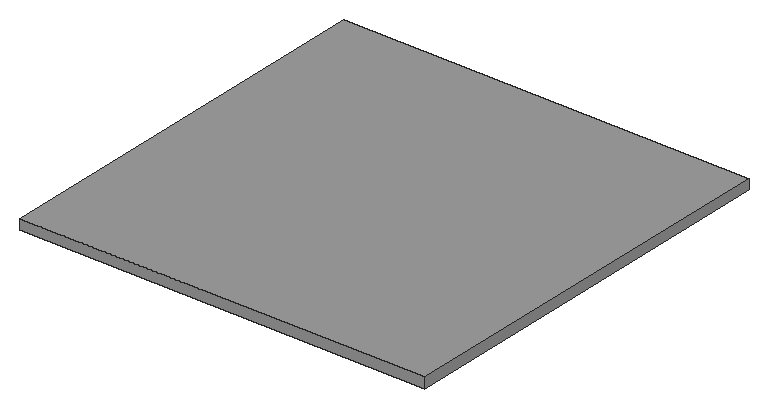
Revit family "WM-MN Unskimmend Family 100m", category Generic Models, host Ceiling, Revit 2017
Family settings
  Host = Ceiling
  Can host rebar = No
  Round Connector Dimension = Use Diameter
  Part Type = Normal
  Always vertical = Yes
  Cut with Voids When Loaded = No
  Shared = No
  Room Calculation Point = No
Parameters (values of type "Lambdaboard")
  Width = 4000 mm
  URL = "www.rigifoam.com"
  Type Comments = "duncan@rigifoam.com"
  Thermal Resistance = 4.1700 (m²·K)/W
  Thermal Conductivity = 0.0240 W/(m·K)
  Model = "WM/MN Unskimmend 100mm"
  Material = Polyisocyanurate
  Manufacturer = "Lambdaboard"
  Length = 4000 mm
  Description = "Flexible PIR Insulation"
  Depth = 100 mm
  Density = 40.0000 kg/m³
Reference planes
  plane 1 "Center (Front/Back)": y = 0
  plane 2: z = 0
  plane 3 "Center (Left/Right)": x = 0
  plane 4 "Ceiling": z = 4000
Forms (mm)
  Extrusion 1, solid, material "Polyisocyanurate" <- "Material"
    sketch origin (0, 0, 4000) x (0, 1, 0) y (-1, 0, 0)
      loop
        line (2000, 2000) -> (-2000, 2000) -> (-2000, -2000) -> (2000, -2000) -> (2000, 2000)
    from -100 to 0
Dimensions and locks
  equal spacing: host sketch curve, plane 3 "Center (Left/Right)", host sketch curve
  equal spacing: host sketch curve, plane 1 "Center (Front/Back)", host sketch curve
  host sketch curve to host sketch curve = 4000 mm  (x2)
  plane 4 "Ceiling" to host ceiling = 0 mm
  equal spacing: Extrusion 1, plane 3 "Center (Left/Right)", Extrusion 1
  "Length": Extrusion 1 to Extrusion 1
  "Width": Extrusion 1 to Extrusion 1
  "Depth": Extrusion 1 to Extrusion 1
Automatic sketch dimensions
  plane 1 "Center (Front/Back)" to Extrusion 1 sketch curve = 2000 mm
  Extrusion 1 sketch curve to plane 1 "Center (Front/Back)" = 2000 mm
  plane 3 "Center (Left/Right)" to Extrusion 1 sketch curve = 2000 mm
  Extrusion 1 sketch curve to plane 3 "Center (Left/Right)" = 2000 mm
